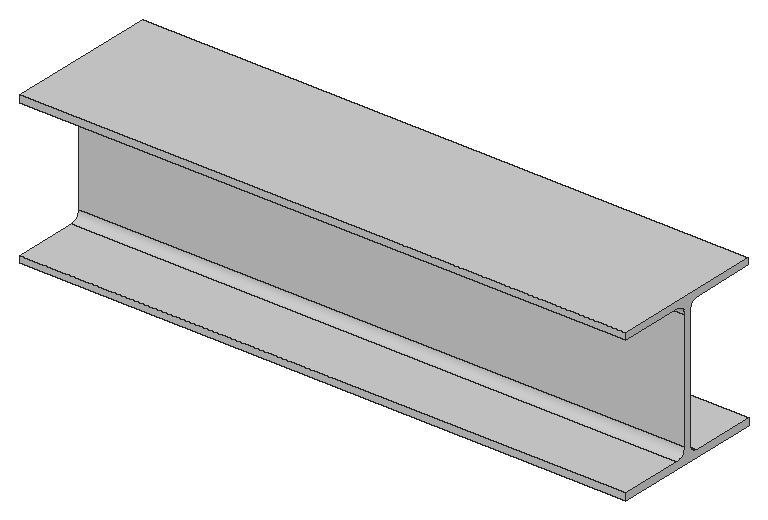
Revit family "HP Shapes", category Structural Framing, Revit 2020
Family settings
  Structural Framing Length Roundoff = 0' - 0"
  Section Shape = I-shape Wide Flange
  Material for Model Behavior = Steel
  Always export as geometry = No
  Code Name = AISC 14.1
  OmniClass Number = 23.25.30.11.14.14
  OmniClass Title = Beams
  Always vertical = Yes
  Cut with Voids When Loaded = No
  Symbolic Representation = From Project Settings
  Shared = No
  Show family pre-cut in plan views = Yes
Parameters (values of type "HP12X63")
  Width = 1' - 0.1"
  Web Thickness = 0' - 0.515"
  Web Fillet = 0.735"
  Warping Constant = 5000.00 in6
  Torsional Moment of Inertia = 1.830 in4
  Structural Material [instance] = Steel ASTM A572
  Section Name Key = ""
  Section Area = 18.40 in²
  Principal Axes Angle = 0.00°
  Plastic Modulus weak axis = 38.70 in³
  Plastic Modulus strong axis = 88.30 in³
  Nominal Weight = 63.00 lbf/ft
  Moment of Inertia weak axis = 153.000 in4
  Moment of Inertia strong axis = 472.000 in4
  Height = 0' - 11.9"
  Flange Thickness = 0.515"
  Elastic Modulus weak axis = 25.30 in³
  Elastic Modulus strong axis = 79.10 in³
  Centroid Vertical = Height / 2  # 5.950"
  Centroid Horizontal = Width / 2  # 6.050"
  Bolt Spacing = 0' - 5 1/2"
  Assembly Code = "B10"
  Length [instance] = 5' - 0"
Types (2): name | Width | Web Thickness | Web Fillet | Warping Constant | Torsional Moment of Inertia | Section Area | Plastic Modulus weak axis | Plastic Modulus strong axis | Nominal Weight | Moment of Inertia weak axis | Moment of Inertia strong axis | Height | Flange Thickness | Elastic Modulus weak axis | Elastic Modulus strong axis | Centroid Vertical | Centroid Horizontal | Bolt Spacing
  HP12X63 | 1' - 0.1" | 0' - 0.515" | 0.735" | 5000.00 in6 | 1.830 in4 | 18.40 in² | 38.70 in³ | 88.30 in³ | 63.00 lbf/ft | 153.000 in4 | 472.000 in4 | 0' - 11.9" | 0.515" | 25.30 in³ | 79.10 in³ | 5.950" | 6.050" | 0' - 5 1/2"
  HP18X135 | 1' - 5.8" | 0' - 0 3/4" | 1.180" | 49500.00 in6 | 9.120 in4 | 39.90 in² | 122.00 in³ | 281.00 in³ | 135.00 lbf/ft | 706.000 in4 | 2200.000 in4 | 1' - 5 1/2" | 0.750" | 79.30 in³ | 251.00 in³ | 8.750" | 8.900" | 0' - 7 1/2"
Reference planes (in)
  plane 1 "Center (Front/Back)": y = 0
  plane 2: z = 0
  plane 3 "Center (Left/Right)": x = 0.1815
  plane 4 "Member Left": x = -23.8185
  plane 5 "Member Right": x = 24.1815
  plane 6: y = 6.05
  plane 7: y = -6.05
  plane 8 "Top": z = 5.95
  plane 9: z = -5.95
  plane 10 "Right": x = 30.1815
  plane 11 "Left": x = -29.8185
Forms (in)
  Sweep 1, solid, material "Steel ASTM A572" <- "Structural Material", detail levels fine
    path origin (0, 0, 0) x (1, 0, 0) y (0, 1, 0)
      loop
        line (24.1815, 0) -> (-23.8185, 0)
    profile "HP-Bearing Pile-Profile-Fine : HP-Bearing Pile-Profile-Fine" origin (0.1815, 0, 0) x (0, -1, 0) y (0, 0, 1)
      loop
        line (-6.05, -5.95) -> (6.05, -5.95) -> (6.05, -5.435) -> (0.9925, -5.435)
        arc (0.9925, -5.435) -> (0.47278, -5.21972) -> (0.2575, -4.7) r 0.735
        line (0.2575, -4.7) -> (0.2575, 4.7)
        arc (0.2575, 4.7) -> (0.47278, 5.21972) -> (0.9925, 5.435) r 0.735
        line (0.9925, 5.435) -> (6.05, 5.435) -> (6.05, 5.95) -> (-6.05, 5.95) -> (-6.05, 5.435) -> (-0.9925, 5.435)
        arc (-0.9925, 5.435) -> (-0.47278, 5.21972) -> (-0.2575, 4.7) r 0.735
        line (-0.2575, 4.7) -> (-0.2575, -4.7)
        arc (-0.2575, -4.7) -> (-0.47278, -5.21972) -> (-0.9925, -5.435) r 0.735
        line (-0.9925, -5.435) -> (-6.05, -5.435) -> (-6.05, -5.95)
  Sweep 2, solid, material "Steel ASTM A572" <- "Structural Material", detail levels medium
    path origin (0, 0, 0) x (1, 0, 0) y (0, 1, 0)
      loop
        line (24.1815, 0) -> (-23.8185, 0)
    profile "HP-Bearing Pile-Profile-Medium : HP-Bearing Pile-Profile-Medium" origin (0.1815, 0, 0) x (0, -1, 0) y (0, 0, 1)
      loop
        line (-6.05, -5.95) -> (6.05, -5.95) -> (6.05, -5.435) -> (0.2575, -5.435) -> (0.2575, 5.435) -> (6.05, 5.435) -> (6.05, 5.95) -> (-6.05, 5.95) -> (-6.05, 5.435) -> (-0.2575, 5.435) -> (-0.2575, -5.435) -> (-6.05, -5.435) -> (-6.05, -5.95)
Lines and regions (in)
  symbolic lines, style "Stick Symbols", detail levels coarse
    curve 1: line (0.1815, 6.05, 5.95) -> (0.1815, -6.05, 5.95)
    curve 2: line (0.1815, -6.05, -5.95) -> (0.1815, 6.05, -5.95)
    curve 3: line (0.1815, 0, -5.95) -> (0.1815, 0, 5.95)
  symbolic lines, style "Hidden Faces", detail levels medium+fine
    curve 4: line (24.1815, -0.2575, 0) -> (-23.8185, -0.2575, 0)
    curve 5: line (-23.8185, 0.2575, 0) -> (24.1815, 0.2575, 0)
Dimensions and locks (in)
  "Width": plane 6 to plane 7
  "Height": plane 9 to plane 8 "Top"
  equal spacing: plane 9, plane 2, plane 8 "Top"
  equal spacing: plane 6, plane 1 "Center (Front/Back)", plane 7
  "Length": plane 11 "Left" to plane 10 "Right"
  "Web Thickness": curve 4 to curve 5
  equal spacing: curve 4, plane 1 "Center (Front/Back)", curve 5
  aligned and locked: Sweep 1 sketch curve to plane 1 "Center (Front/Back)"
  aligned and locked: Sweep 2 sketch curve to plane 1 "Center (Front/Back)"
  aligned and locked: Sweep 2 to curve 1
  aligned and locked: Sweep 2 to curve 2
  aligned and locked: curve 1 to Sweep 2  (x2)
  aligned and locked: curve 2 to Sweep 2  (x2)
  aligned and locked: plane 4 "Member Left" to Sweep 2 sketch curve
  aligned and locked: plane 5 "Member Right" to Sweep 2 sketch curve
  aligned and locked: plane 4 "Member Left" to Sweep 1 sketch curve
  aligned and locked: plane 5 "Member Right" to Sweep 1 sketch curve
  aligned and locked: plane 4 "Member Left" to curve 5
  aligned and locked: plane 4 "Member Left" to curve 4
  aligned and locked: plane 5 "Member Right" to curve 5
  aligned and locked: plane 5 "Member Right" to curve 4
  aligned and locked: plane 2 to level
  aligned and locked: plane 1 "Center (Front/Back)" to curve 3
